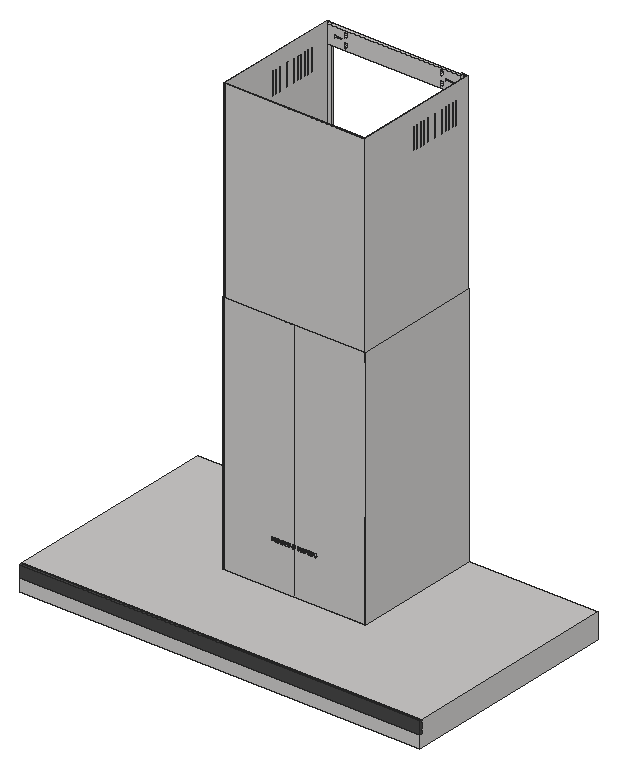
Revit family "FP_Revit_18_HC90DCXB3_Rangehood_90001860A", category Specialty Equipment, Revit 2018
Family settings
  Round Connector Dimension = Use Diameter
  Part Type = Normal
  OmniClass Number = 23.40.40.00
  OmniClass Title = Food Service Equipment and Furnishings
  Work Plane-Based = No
  Always vertical = Yes
  Cut with Voids When Loaded = Yes
  Shared = No
  Room Calculation Point = No
Parameters
  Visibility - Upper Chimney Extension [instance] = yes
  URL = "www.fisherpaykel.com"
  Product - Width = 899 mm  # constant formula
  Product - Height (595mm - 1035mm) [instance] = 1035 mm
  Product - Depth = 500 mm  # constant formula
  Model = "HC90DCXB3"
  Material - Display Panel = Fisher & Paykel - Black
  Material - Body = Fisher & Paykel - Stainless Steel
  Manufacturer = "Fisher & Paykel Appliances"
  FFL Offset [instance] = 1565 mm
  Description = "90cm Rangehood"
  Connector Description - Extraction = "150mm Semi Rigid Rangehood Ducting, 780m³/hr"
  Connector Description - Electrical = "230 V, 50 Hz"
  Chassis - Width = 320 mm  # constant formula
  Chassis - Height = 604 mm  # constant formula
  Chassis - Depth = 291 mm  # constant formula
Reference planes
  plane 1 "Datum": y = 0
  plane 2: z = 0
  plane 3 "Center (Left/Right)": x = 0
  plane 4 "Product - Height": z = 2600
  plane 5 "Product LHS": x = -449.5
  plane 6 "Product RHS": x = 449.5
  plane 7 "Product - Depth": y = -500
  plane 8 "Cavity LHS": x = -160
  plane 9 "Cavity RHS": x = 160
  plane 10 "Chassis - Depth": y = -291
  plane 11 "FFL Offset": z = 1565
Forms (mm)
  Extrusion 1, solid, material "Fisher & Paykel - Stainless Steel" <- "Material - Body"
    sketch origin (0, 0, 0) x (1, 0, 0) y (0, 1, 0)
      loop
        line (-145, 0) -> (-160, 0) -> (-160, -291) -> (0, -291) -> (160, -291) -> (160, 0) -> (145, 0) -> (145, -1) -> (159, -1) -> (159, -290) -> (-159, -290) -> (-159, -1) -> (-145, -1) -> (-145, 0)
    from 1620 to 2169
  Extrusion 2, solid, material "Fisher & Paykel - Stainless Steel" <- "Material - Body", visible <- "Visibility - Upper Chimney Extension"
    sketch origin (0, 0, 0) x (1, 0, 0) y (0, 1, 0)
      loop
        line (-158, -3) -> (-145, -3) -> (-145, -2) -> (-159, -2) -> (-159, -290) -> (159, -290) -> (159, -2) -> (145, -2) -> (145, -3) -> (158, -3) -> (158, -289.044) -> (-158, -289.044) -> (-158, -3)
    from 2149 to 2600
  Extrusion 3, solid, material "Fisher & Paykel - Stainless Steel" <- "Material - Body"
    sketch origin (0, 0, 0) x (1, 0, 0) y (0, 1, 0)
      loop
        line (-449.5, 0) -> (-449.5, -500) -> (449.5, -500) -> (449.5, 0) -> (-449.5, 0)
    from 1565 to 1620
  Extrusion 4, void
    sketch origin (0, 0, 0) x (0, 1, 0) y (0, 0, 1)
      loop
        line (-500, 1620) -> (-500, 1592.5) -> (-495, 1592.5) -> (-495, 1620) -> (-500, 1620)
    from -449.5 to 449.5
  Extrusion 5, solid, material "Fisher & Paykel - Black" <- "Material - Display Panel", detail levels medium+fine
    sketch origin (0, 0, 1000) x (0, 1, 0) y (0, 0, 1)
      loop
        line (-495, 592.5) -> (-495, 620) -> (-500, 620) -> (-500, 592.5) -> (-495, 592.5)
    from -449.5 to 449.5
  Extrusion 6, solid, material "Fisher & Paykel - Stainless Steel" <- "Material - Body"
    sketch origin (0, 0, 0) x (1, 0, 0) y (0, 1, 0)
      loop
        line (159, -1) -> (-159, -1) -> (-159, -290) -> (159, -290) -> (159, -1)
    from 1620 to 1838
  Extrusion 7, solid, material "Fisher & Paykel - Stainless Steel" <- "Material - Body"
    sketch origin (0, 0, 0) x (1, 0, 0) y (0, 1, 0)
      loop
        circle (0, -82) r 75
      loop
        circle (0, -82) r 73
    from 1838 to 1970.269
  Extrusion 8, solid, material "Fisher & Paykel - Stainless Steel" <- "Material - Body"
    sketch origin (0, 0, 0) x (1, 0, 0) y (0, 0, 1)
      loop
        line (-145, 1860) -> (-145, 1838) -> (145, 1838) -> (145, 1860) -> (-145, 1860)
      loop
        line (-127.5, 1851) -> (-127.5, 1849.33)
        arc (-127.5, 1849.33) -> (-125, 1840) -> (-122.5, 1849.33) r 5
        line (-122.5, 1849.33) -> (-122.5, 1851)
        arc (-122.5, 1851) -> (-125, 1853.5) -> (-127.5, 1851) r 2.5
      loop
        line (122.5, 1851) -> (122.5, 1849.33)
        arc (122.5, 1849.33) -> (125, 1840) -> (127.5, 1849.33) r 5
        line (127.5, 1849.33) -> (127.5, 1851)
        arc (127.5, 1851) -> (125, 1853.5) -> (122.5, 1851) r 2.5
    from 0 to 2
  Extrusion 9, solid, material "Fisher & Paykel - Stainless Steel" <- "Material - Body", visible <- "Visibility - Upper Chimney Extension"
    sketch origin (0, 0, 0) x (1, 0, 0) y (0, 0, 1)
      loop
        line (-150, 2558.811) -> (150, 2558.811) -> (150, 2600) -> (-150, 2600) -> (-150, 2558.811)
      loop
        line (104, 2592.5) -> (104, 2588.5)
        arc (104, 2588.5) -> (108, 2584.5) -> (112, 2588.5) r 4
        line (112, 2588.5) -> (112, 2592.5)
        arc (112, 2592.5) -> (108, 2596.5) -> (104, 2592.5) r 4
      loop
        arc (112, 2571.5) -> (108, 2575.5) -> (104, 2571.5) r 4
        line (104, 2571.5) -> (104, 2566.794)
        arc (104, 2566.794) -> (108, 2563.544) -> (112, 2566.794) r 4.087
        line (112, 2566.794) -> (112, 2571.5)
      loop
        arc (117.5, 2582.5) -> (115, 2580) -> (117.5, 2577.5) r 2.5
        line (117.5, 2577.5) -> (132.5, 2577.5)
        arc (132.5, 2577.5) -> (135, 2580) -> (132.5, 2582.5) r 2.5
        line (132.5, 2582.5) -> (117.5, 2582.5)
      loop
        arc (-104, 2592.5) -> (-108, 2596.5) -> (-112, 2592.5) r 4
        line (-112, 2592.5) -> (-112, 2588.5)
        arc (-112, 2588.5) -> (-108, 2584.5) -> (-104, 2588.5) r 4
        line (-104, 2588.5) -> (-104, 2592.5)
      loop
        line (-112, 2571.5) -> (-112, 2566.794)
        arc (-112, 2566.794) -> (-108, 2563.544) -> (-104, 2566.794) r 4.087
        line (-104, 2566.794) -> (-104, 2571.5)
        arc (-104, 2571.5) -> (-108, 2575.5) -> (-112, 2571.5) r 4
      loop
        line (-117.5, 2582.5) -> (-132.5, 2582.5)
        arc (-132.5, 2582.5) -> (-135, 2580) -> (-132.5, 2577.5) r 2.5
        line (-132.5, 2577.5) -> (-117.5, 2577.5)
        arc (-117.5, 2577.5) -> (-115, 2580) -> (-117.5, 2582.5) r 2.5
    from 3 to 9
  Extrusion 10, void
    sketch origin (0, 0, 0) x (0, 1, 0) y (0, 0, 1)
      loop
        line (-157, 2564.417) -> (-157, 2514.417)
        arc (-157, 2514.417) -> (-154.5, 2511.917) -> (-152, 2514.417) r 2.5
        line (-152, 2514.417) -> (-152, 2564.417)
        arc (-152, 2564.417) -> (-154.5, 2566.917) -> (-157, 2564.417) r 2.5
      loop
        line (-147, 2564.417) -> (-147, 2514.417)
        arc (-147, 2514.417) -> (-144.5, 2511.917) -> (-142, 2514.417) r 2.5
        line (-142, 2514.417) -> (-142, 2564.417)
        arc (-142, 2564.417) -> (-144.5, 2566.917) -> (-147, 2564.417) r 2.5
      loop
        line (-137, 2564.417) -> (-137, 2514.417)
        arc (-137, 2514.417) -> (-134.5, 2511.917) -> (-132, 2514.417) r 2.5
        line (-132, 2514.417) -> (-132, 2564.417)
        arc (-132, 2564.417) -> (-134.5, 2566.917) -> (-137, 2564.417) r 2.5
      loop
        line (-127, 2564.417) -> (-127, 2514.417)
        arc (-127, 2514.417) -> (-124.5, 2511.917) -> (-122, 2514.417) r 2.5
        line (-122, 2514.417) -> (-122, 2564.417)
        arc (-122, 2564.417) -> (-124.5, 2566.917) -> (-127, 2564.417) r 2.5
      loop
        line (-117, 2564.417) -> (-117, 2514.417)
        arc (-117, 2514.417) -> (-114.5, 2511.917) -> (-112, 2514.417) r 2.5
        line (-112, 2514.417) -> (-112, 2564.417)
        arc (-112, 2564.417) -> (-114.5, 2566.917) -> (-117, 2564.417) r 2.5
      loop
        line (-107, 2564.417) -> (-107, 2514.417)
        arc (-107, 2514.417) -> (-104.5, 2511.917) -> (-102, 2514.417) r 2.5
        line (-102, 2514.417) -> (-102, 2564.417)
        arc (-102, 2564.417) -> (-104.5, 2566.917) -> (-107, 2564.417) r 2.5
      loop
        line (-97, 2564.417) -> (-97, 2514.417)
        arc (-97, 2514.417) -> (-94.5, 2511.917) -> (-92, 2514.417) r 2.5
        line (-92, 2514.417) -> (-92, 2564.417)
        arc (-92, 2564.417) -> (-94.5, 2566.917) -> (-97, 2564.417) r 2.5
      loop
        line (-87, 2564.417) -> (-87, 2514.417)
        arc (-87, 2514.417) -> (-84.5, 2511.917) -> (-82, 2514.417) r 2.5
        line (-82, 2514.417) -> (-82, 2564.417)
        arc (-82, 2564.417) -> (-84.5, 2566.917) -> (-87, 2564.417) r 2.5
      loop
        line (-77, 2564.417) -> (-77, 2514.417)
        arc (-77, 2514.417) -> (-74.5, 2511.917) -> (-72, 2514.417) r 2.5
        line (-72, 2514.417) -> (-72, 2564.417)
        arc (-72, 2564.417) -> (-74.5, 2566.917) -> (-77, 2564.417) r 2.5
      loop
        line (-67, 2564.417) -> (-67, 2514.417)
        arc (-67, 2514.417) -> (-64.5, 2511.917) -> (-62, 2514.417) r 2.5
        line (-62, 2514.417) -> (-62, 2564.417)
        arc (-62, 2564.417) -> (-64.5, 2566.917) -> (-67, 2564.417) r 2.5
      loop
        line (-57, 2564.417) -> (-57, 2514.417)
        arc (-57, 2514.417) -> (-54.5, 2511.917) -> (-52, 2514.417) r 2.5
        line (-52, 2514.417) -> (-52, 2564.417)
        arc (-52, 2564.417) -> (-54.5, 2566.917) -> (-57, 2564.417) r 2.5
      loop
        line (-47, 2564.417) -> (-47, 2514.417)
        arc (-47, 2514.417) -> (-44.5, 2511.917) -> (-42, 2514.417) r 2.5
        line (-42, 2514.417) -> (-42, 2564.417)
        arc (-42, 2564.417) -> (-44.5, 2566.917) -> (-47, 2564.417) r 2.5
      loop
        line (-37, 2564.417) -> (-37, 2514.417)
        arc (-37, 2514.417) -> (-34.5, 2511.917) -> (-32, 2514.417) r 2.5
        line (-32, 2514.417) -> (-32, 2564.417)
        arc (-32, 2564.417) -> (-34.5, 2566.917) -> (-37, 2564.417) r 2.5
    from -159 to 159
  Extrusion 11, solid, material "Fisher & Paykel - Stainless Steel" <- "Material - Body"
    sketch origin (0, 0, 0) x (1, 0, 0) y (0, 0, 1)
      loop
        line (145, 2141) -> (-145, 2141) -> (-145, 2101) -> (145, 2101) -> (145, 2141)
      loop
        line (125, 2123.5) -> (110, 2123.5)
        arc (110, 2123.5) -> (107.5, 2121) -> (110, 2118.5) r 2.5
        line (110, 2118.5) -> (125, 2118.5)
        arc (125, 2118.5) -> (127.5, 2121) -> (125, 2123.5) r 2.5
      loop
        line (-110, 2123.5) -> (-125, 2123.5)
        arc (-125, 2123.5) -> (-127.5, 2121) -> (-125, 2118.5) r 2.5
        line (-125, 2118.5) -> (-110, 2118.5)
        arc (-110, 2118.5) -> (-107.5, 2121) -> (-110, 2123.5) r 2.5
    from 2 to 9
  Extrusion 12, void
    sketch origin (0, 0, 0) x (1, 0, 0) y (0, 1, 0)
      loop
        line (-387, -400) -> (387, -400) -> (387, -83) -> (-387, -83) -> (-387, -400)
      loop
        circle (115, -45) r 25
      loop
        circle (-115, -45) r 25
    from 1565 to 1574
  Extrusion 13, solid, material "Fisher & Paykel - Stainless Steel" <- "Material - Body", detail levels fine
    sketch origin (0, 0, 0) x (1, 0, 0) y (0, 1, 0)
      loop
        line (387, -83) -> (129.5, -83) -> (129.5, -400) -> (387, -400) -> (387, -83)
      loop
        line (138, -391) -> (239.5, -391) -> (239.5, -347) -> (276.5, -347) -> (276.5, -391) -> (378, -391) -> (378, -92) -> (138, -92) -> (138, -391)
      loop
        line (268.5, -357.5) -> (247.5, -357.5) -> (247.5, -391) -> (268.5, -391) -> (268.5, -357.5)
      loop
        line (247.9, -364.5) -> (247.9, -390.562) -> (268.1, -390.562) -> (268.1, -364.5) -> (247.9, -364.5)
      loop
        line (-387, -83) -> (-387, -400) -> (-129.5, -400) -> (-129.5, -83) -> (-387, -83)
      loop
        line (-138, -391) -> (-138, -92) -> (-378, -92) -> (-378, -391) -> (-276.5, -391) -> (-276.5, -347) -> (-239.5, -347) -> (-239.5, -391) -> (-138, -391)
      loop
        line (-268.5, -357.5) -> (-268.5, -391) -> (-247.5, -391) -> (-247.5, -357.5) -> (-268.5, -357.5)
      loop
        line (-247.9, -364.5) -> (-268.1, -364.5) -> (-268.1, -390.562) -> (-247.9, -390.562) -> (-247.9, -364.5)
      loop
        line (128.75, -83) -> (-128.75, -83) -> (-128.75, -400) -> (128.75, -400) -> (128.75, -83)
      loop
        line (-120.25, -391) -> (-18.75, -391) -> (-18.75, -347) -> (18.25, -347) -> (18.25, -391) -> (119.75, -391) -> (119.75, -92) -> (-120.25, -92) -> (-120.25, -391)
      loop
        line (10.25, -357.5) -> (-10.75, -357.5) -> (-10.75, -391) -> (10.25, -391) -> (10.25, -357.5)
      loop
        line (-10.35, -364.5) -> (-10.35, -390.562) -> (9.85, -390.562) -> (9.85, -364.5) -> (-10.35, -364.5)
    from 1565 to 1574
  Extrusion 14, solid, material "Fisher & Paykel - Aluminium", detail levels medium+fine
    sketch origin (0, 0, 0) x (1, 0, 0) y (0, 1, 0)
      loop
        line (378, -92) -> (138, -92) -> (138, -391) -> (239.5, -391) -> (239.5, -347) -> (276.5, -347) -> (276.5, -391) -> (378, -391) -> (378, -92)
      loop
        line (-378, -92) -> (-378, -391) -> (-276.5, -391) -> (-276.5, -347) -> (-239.5, -347) -> (-239.5, -391) -> (-138, -391) -> (-138, -92) -> (-378, -92)
      loop
        line (-120.25, -92) -> (-120.25, -391) -> (-18.75, -391) -> (-18.75, -347) -> (18.25, -347) -> (18.25, -391) -> (119.75, -391) -> (119.75, -92) -> (-120.25, -92)
    from 1565 to 1572
  Extrusion 15, solid, material "Fisher & Paykel - Bezel White", detail levels fine
    sketch origin (0, 0, 0) x (1, 0, 0) y (0, 1, 0)
      loop
        circle (115, -45) r 22
      loop
        circle (-115, -45) r 22
    from 1565 to 1572
  Extrusion 16, solid, material "Fisher & Paykel - Stainless Steel" <- "Material - Body", detail levels fine
    sketch origin (0, 0, 0) x (1, 0, 0) y (0, 1, 0)
      loop
        circle (115, -45) r 22
      loop
        circle (115, -45) r 25
      loop
        circle (-115, -45) r 22
      loop
        circle (-115, -45) r 25
    from 1566 to 1574
  Extrusion 17, solid, material "Fisher & Paykel - Stainless Steel" <- "Material - Body", detail levels medium+fine
    sketch origin (0, 0, 0) x (1, 0, 0) y (0, 1, 0)
      loop
        circle (101, -15) r 4
    from 1838 to 1970.269
Cuts and joins
  Extrusion 4, Extrusion 12 cuts Extrusion 3
  Extrusion 10 cuts Extrusion 2
Text (mm)
  text "Due to ongoing product development, product details are subject to change without notice. \nPlease always refer to www.fisherpaykel.com for the most current product information. \n© Fisher & Paykel 2020" at (41.04, -1225.549, 0), in view "Ref. Level (Plan)"
Dimensions and locks
  equal spacing: plane 5 "Product LHS", plane 3 "Center (Left/Right)", plane 6 "Product RHS"
  "Product - Width": plane 5 "Product LHS" to plane 6 "Product RHS"
  equal spacing: plane 8 "Cavity LHS", plane 3 "Center (Left/Right)", plane 9 "Cavity RHS"
  "Chassis - Width": plane 8 "Cavity LHS" to plane 9 "Cavity RHS"
  locked: Extrusion 1 sketch curve to Extrusion 1 sketch curve at 1  (x3)
  locked: Extrusion 2 to Extrusion 2 at 451
  "Product - Depth": plane 7 "Product - Depth" to plane 1 "Datum"
  "FFL Offset": plane 11 "FFL Offset" to level
  Extrusion 9 sketch curve to plane 4 "Product - Height" = 41.189 mm
  Extrusion 9 sketch curve to plane 4 "Product - Height" = 17.5 mm
  "Chassis - Height": Extrusion 1 to plane 11 "FFL Offset"
  plane 11 "FFL Offset" to Extrusion 8 sketch curve = 295 mm
  locked: Extrusion 7 to plane 11 "FFL Offset" at 405.269
  locked: cut or joined group of Extrusion 3, Extrusion 4, Extrusion 12 to plane 11 "FFL Offset" at 9
  locked: Extrusion 14 to plane 11 "FFL Offset" at 7
  locked: Extrusion 5 to plane 11 "FFL Offset" at 27.5
  locked: plane 11 "FFL Offset" to nested 1 at 153
  "Product - Height (595mm - 1035mm)": plane 4 "Product - Height" to plane 11 "FFL Offset"
  locked: cut or joined group of Extrusion 3, Extrusion 4, Extrusion 12 to Extrusion 16 at 1
  locked: Extrusion 6 to plane 11 "FFL Offset" at 273
  "Chassis - Depth": plane 1 "Datum" to plane 10 "Chassis - Depth"
  locked: cut or joined group of Extrusion 3, Extrusion 4, Extrusion 12 to plane 11 "FFL Offset" at 55
  locked: Extrusion 9 to plane 4 "Product - Height" at 41.189
  locked: plane 11 "FFL Offset" to Extrusion 11 at 536
  locked: plane 11 "FFL Offset" to Extrusion 11 at 576
  aligned and locked: level to plane 2
  aligned and locked: Extrusion 1 sketch curve to plane 8 "Cavity LHS"
  aligned and locked: plane 9 "Cavity RHS" to Extrusion 1 sketch curve
  aligned and locked: plane 1 "Datum" to Extrusion 1 sketch curve  (x2)
  aligned and locked: plane 10 "Chassis - Depth" to Extrusion 1 sketch curve
  aligned and locked: plane 6 "Product RHS" to Extrusion 3 sketch curve
  aligned and locked: plane 1 "Datum" to Extrusion 3 sketch curve
  aligned and locked: Extrusion 3 sketch curve to plane 5 "Product LHS"
  aligned and locked: plane 7 "Product - Depth" to Extrusion 3 sketch curve
  aligned and locked: plane 7 "Product - Depth" to Extrusion 4 sketch curve
  aligned and locked: Extrusion 4 sketch curve to cut or joined group of Extrusion 3, Extrusion 4, Extrusion 12
  aligned and locked: Extrusion 4 to plane 6 "Product RHS"
  aligned and locked: plane 5 "Product LHS" to Extrusion 4
  aligned and locked: cut or joined group of Extrusion 3, Extrusion 4, Extrusion 12 to Extrusion 5
  aligned and locked: Extrusion 5 to cut or joined group of Extrusion 3, Extrusion 4, Extrusion 12
  aligned and locked: Extrusion 1 to Extrusion 6
  aligned and locked: Extrusion 7 to Extrusion 6
  aligned and locked: plane 4 "Product - Height" to Extrusion 2
  aligned and locked: Extrusion 10 to Extrusion 1  (x2)
  aligned and locked: plane 4 "Product - Height" to Extrusion 9
  aligned and locked: Extrusion 9 sketch curve to Extrusion 9 sketch curve
  aligned and locked: Extrusion 3 to plane 11 "FFL Offset"
  aligned and locked: Extrusion 6 to cut or joined group of Extrusion 3, Extrusion 4, Extrusion 12
  aligned and locked: Extrusion 3 to Extrusion 12
  aligned and locked: cut or joined group of Extrusion 3, Extrusion 4, Extrusion 12 to Extrusion 13  (x2)
  aligned and locked: cut or joined group of Extrusion 3, Extrusion 4, Extrusion 12 to Extrusion 14
  aligned and locked: Extrusion 15 to Extrusion 14
  aligned and locked: cut or joined group of Extrusion 3, Extrusion 4, Extrusion 12 to Extrusion 15
  aligned and locked: Extrusion 4 to Extrusion 5
  aligned and locked: Extrusion 1 to Extrusion 5
  aligned and locked: Extrusion 16 to cut or joined group of Extrusion 3, Extrusion 4, Extrusion 12
  aligned and locked: Extrusion 17 to Extrusion 6
  aligned and locked: Extrusion 7 to Extrusion 17
  aligned and locked: cut or joined group of Extrusion 2, Extrusion 10 to Extrusion 9
Automatic sketch dimensions
  Extrusion 1 sketch curve to plane 3 "Center (Left/Right)" = 0 mm
  plane 1 "Datum" to Extrusion 1 sketch curve = 1 mm  (x2)
  Extrusion 1 sketch curve to Extrusion 1 sketch curve = 14 mm
  plane 9 "Cavity RHS" to Extrusion 1 sketch curve = 15 mm
  plane 7 "Product - Depth" to Extrusion 4 sketch curve = 5 mm
  level to Extrusion 4 sketch curve = 1592.5 mm
  Extrusion 5 sketch curve to Extrusion 5 sketch curve = 27.5 mm
  Extrusion 6 sketch curve to plane 8 "Cavity LHS" = 1 mm
  plane 9 "Cavity RHS" to Extrusion 6 sketch curve = 1 mm
  plane 10 "Chassis - Depth" to Extrusion 6 sketch curve = 1 mm
  plane 1 "Datum" to Extrusion 6 sketch curve = 1 mm
  Extrusion 2 sketch curve to plane 8 "Cavity LHS" = 1 mm
  Extrusion 2 sketch curve to Extrusion 2 sketch curve = 1 mm  (x3)
  plane 1 "Datum" to Extrusion 2 sketch curve = 3 mm  (x2)
  Extrusion 2 sketch curve to Extrusion 2 sketch curve = 13 mm
  plane 9 "Cavity RHS" to Extrusion 2 sketch curve = 15 mm
  plane 9 "Cavity RHS" to Extrusion 2 sketch curve = 2 mm
  plane 9 "Cavity RHS" to Extrusion 2 sketch curve = 1 mm
  plane 10 "Chassis - Depth" to Extrusion 2 sketch curve = 1.956 mm
  plane 10 "Chassis - Depth" to Extrusion 2 sketch curve = 1 mm
  Extrusion 10 sketch curve to plane 4 "Product - Height" = 85.583 mm  (x2)
  plane 1 "Datum" to Extrusion 10 sketch curve = 157 mm
  Extrusion 10 sketch curve to Extrusion 10 sketch curve = 2.5 mm  (x13)
  Extrusion 10 sketch curve to Extrusion 10 sketch curve = 5 mm  (x12)
  Extrusion 10 sketch curve to Extrusion 10 sketch curve = 0 mm  (x23)
  Extrusion 10 sketch curve to plane 4 "Product - Height" = 35.583 mm
  Extrusion 11 sketch curve to plane 5 "Product LHS" = 304.5 mm
  Extrusion 11 sketch curve to Extrusion 11 sketch curve = 20 mm  (x2)
  Extrusion 11 sketch curve to Extrusion 11 sketch curve = 15 mm  (x2)
  Extrusion 11 sketch curve to plane 8 "Cavity LHS" = 270 mm
  Extrusion 11 sketch curve to Extrusion 11 sketch curve = 17.5 mm  (x3)
  Extrusion 11 sketch curve to Extrusion 11 sketch curve = 2.5 mm  (x2)
  Extrusion 5 sketch curve to Extrusion 5 sketch curve = 5 mm
  Extrusion 5 sketch curve to plane 7 "Product - Depth" = 0 mm
  plane 11 "FFL Offset" to Extrusion 5 sketch curve = 27.5 mm
  Extrusion 15 sketch curve to plane 8 "Cavity LHS" = 45 mm
  plane 9 "Cavity RHS" to Extrusion 15 sketch curve = 45 mm
  plane 1 "Datum" to Extrusion 15 sketch curve = 45 mm  (x2)
  Extrusion 12 sketch curve to plane 5 "Product LHS" = 62.5 mm
  Extrusion 12 sketch curve to plane 8 "Cavity LHS" = 45 mm
  plane 9 "Cavity RHS" to Extrusion 12 sketch curve = 45 mm
  plane 6 "Product RHS" to Extrusion 12 sketch curve = 62.5 mm
  plane 7 "Product - Depth" to Extrusion 12 sketch curve = 100 mm
  plane 1 "Datum" to Extrusion 12 sketch curve = 83 mm
  plane 1 "Datum" to Extrusion 12 sketch curve = 45 mm  (x2)
  Extrusion 16 sketch curve to Extrusion 16 sketch curve = 0 mm  (x4)
  Extrusion 16 sketch curve to plane 8 "Cavity LHS" = 45 mm
  plane 9 "Cavity RHS" to Extrusion 16 sketch curve = 45 mm
  plane 1 "Datum" to Extrusion 16 sketch curve = 45 mm  (x2)
  Extrusion 13 sketch curve to plane 5 "Product LHS" = 62.5 mm
  Extrusion 13 sketch curve to Extrusion 13 sketch curve = 9 mm  (x9)
  Extrusion 13 sketch curve to Extrusion 13 sketch curve = 101.5 mm
  Extrusion 13 sketch curve to Extrusion 13 sketch curve = 8 mm  (x6)
  Extrusion 13 sketch curve to Extrusion 13 sketch curve = 0.4 mm  (x6)
  Extrusion 13 sketch curve to Extrusion 13 sketch curve = 20.2 mm  (x2)
  Extrusion 13 sketch curve to plane 8 "Cavity LHS" = 22 mm
  Extrusion 13 sketch curve to Extrusion 13 sketch curve = 8.5 mm  (x3)
  Extrusion 13 sketch curve to Extrusion 13 sketch curve = 0.75 mm  (x2)
  Extrusion 13 sketch curve to plane 3 "Center (Left/Right)" = 18.75 mm
  plane 3 "Center (Left/Right)" to Extrusion 13 sketch curve = 9.85 mm
  plane 9 "Cavity RHS" to Extrusion 13 sketch curve = 40.25 mm
  Extrusion 13 sketch curve to plane 9 "Cavity RHS" = 79.5 mm
  plane 6 "Product RHS" to Extrusion 13 sketch curve = 71.5 mm
  plane 7 "Product - Depth" to Extrusion 13 sketch curve = 100 mm  (x2)
  Extrusion 13 sketch curve to Extrusion 13 sketch curve = 0 mm  (x8)
  Extrusion 13 sketch curve to Extrusion 13 sketch curve = 0.438 mm  (x3)
  Extrusion 13 sketch curve to Extrusion 13 sketch curve = 26.062 mm  (x3)
  Extrusion 13 sketch curve to Extrusion 13 sketch curve = 7 mm  (x3)
  Extrusion 13 sketch curve to Extrusion 13 sketch curve = 10.5 mm  (x3)
  plane 1 "Datum" to Extrusion 13 sketch curve = 92 mm  (x2)
  Extrusion 14 sketch curve to plane 5 "Product LHS" = 71.5 mm
  Extrusion 14 sketch curve to Extrusion 14 sketch curve = 101.5 mm
  Extrusion 14 sketch curve to Extrusion 14 sketch curve = 37 mm  (x2)
  Extrusion 14 sketch curve to plane 8 "Cavity LHS" = 22 mm
  Extrusion 14 sketch curve to Extrusion 14 sketch curve = 17.75 mm
  Extrusion 14 sketch curve to plane 3 "Center (Left/Right)" = 18.75 mm
  plane 3 "Center (Left/Right)" to Extrusion 14 sketch curve = 18.25 mm
  plane 9 "Cavity RHS" to Extrusion 14 sketch curve = 40.25 mm
  Extrusion 14 sketch curve to Extrusion 14 sketch curve = 18.25 mm
  Extrusion 14 sketch curve to plane 9 "Cavity RHS" = 79.5 mm
  plane 6 "Product RHS" to Extrusion 14 sketch curve = 71.5 mm
  Extrusion 14 sketch curve to plane 10 "Chassis - Depth" = 100 mm  (x4)
  Extrusion 14 sketch curve to Extrusion 14 sketch curve = 0 mm  (x3)
  Extrusion 14 sketch curve to Extrusion 14 sketch curve = 44 mm  (x3)
  plane 1 "Datum" to Extrusion 14 sketch curve = 92 mm  (x2)
  Extrusion 7 sketch curve to Extrusion 7 sketch curve = 0 mm  (x2)
  Extrusion 7 sketch curve to plane 3 "Center (Left/Right)" = 0 mm
  plane 1 "Datum" to Extrusion 7 sketch curve = 82 mm
  Extrusion 8 sketch curve to plane 8 "Cavity LHS" = 15 mm
  Extrusion 8 sketch curve to Extrusion 8 sketch curve = 17.5 mm
  Extrusion 8 sketch curve to Extrusion 8 sketch curve = 2.5 mm  (x4)
  plane 9 "Cavity RHS" to Extrusion 8 sketch curve = 37.5 mm
  plane 9 "Cavity RHS" to Extrusion 8 sketch curve = 15 mm
  Extrusion 8 sketch curve to Extrusion 8 sketch curve = 9 mm  (x2)
  Extrusion 8 sketch curve to Extrusion 8 sketch curve = 1.67 mm  (x2)
  Extrusion 8 sketch curve to Extrusion 8 sketch curve = 4.33 mm  (x2)
  Extrusion 8 sketch curve to Extrusion 8 sketch curve = 11.33 mm
  plane 1 "Datum" to Extrusion 17 sketch curve = 15 mm
  plane 9 "Cavity RHS" to Extrusion 17 sketch curve = 59 mm
  Extrusion 9 sketch curve to plane 4 "Product - Height" = 0 mm
  Extrusion 9 sketch curve to plane 8 "Cavity LHS" = 10 mm
  Extrusion 9 sketch curve to Extrusion 9 sketch curve = 17.5 mm
  Extrusion 9 sketch curve to Extrusion 9 sketch curve = 15 mm  (x2)
  Extrusion 9 sketch curve to Extrusion 9 sketch curve = 5.5 mm  (x3)
  Extrusion 9 sketch curve to Extrusion 9 sketch curve = 4 mm  (x6)
  Extrusion 9 sketch curve to Extrusion 9 sketch curve = 0 mm  (x3)
  Extrusion 9 sketch curve to plane 4 "Product - Height" = 11.5 mm
  plane 9 "Cavity RHS" to Extrusion 9 sketch curve = 56 mm
  plane 9 "Cavity RHS" to Extrusion 9 sketch curve = 10 mm
  Extrusion 9 sketch curve to Extrusion 9 sketch curve = 21.706 mm
  Extrusion 9 sketch curve to Extrusion 9 sketch curve = 15.706 mm
  Extrusion 9 sketch curve to Extrusion 9 sketch curve = 0.837 mm  (x2)
  Extrusion 9 sketch curve to Extrusion 9 sketch curve = 3.87 mm
  Extrusion 9 sketch curve to Extrusion 9 sketch curve = 4.706 mm
  Extrusion 9 sketch curve to Extrusion 9 sketch curve = 5 mm
  Extrusion 9 sketch curve to Extrusion 9 sketch curve = 2.5 mm
  Extrusion 9 sketch curve to Extrusion 9 sketch curve = 6 mm
  Extrusion 11 sketch curve to plane 4 "Product - Height" = 499 mm
  radius of Extrusion 15 sketch curve = 22 mm  (x2)
  radius of Extrusion 12 sketch curve = 25 mm  (x2)
  radius of Extrusion 16 sketch curve = 22 mm  (x2)
  radius of Extrusion 16 sketch curve = 25 mm  (x2)
  radius of Extrusion 7 sketch curve = 73 mm
  radius of Extrusion 7 sketch curve = 75 mm
  radius of Extrusion 17 sketch curve = 4 mm
Nested families
  nested 1: "F&P Logo 100mm" at (0.236, -291, 1718.109), type "Grey"
Connectors
  hvac at (0, -82, 1970.269), driven by "Connector Description - Extraction"
    settings: on Extrusion 7, index 1, duct flow 0.0 L/s, flow factor 0, pres drop 0.0 Pa, loss coef 0, conn angle 0.00°, conn width 304.8 mm, conn height 304.8 mm, conn diameter 150 mm, duct sys type 3, conn prof type 0, flow config 0, flow direction 2, loss method 0, conn ref index -1, conn util no, is conn primary yes, conn desc "150mm Semi Rigid Rangehood Ducting, 780m³/hr"
  electrical at (101, -15, 1970.269), driven by "Connector Description - Electrical"
    settings: on Extrusion 17, index 2, voltage 230 V, apparent load 0 VA, apparent load phase1 0 VA, apparent load phase2 0 VA, apparent load phase3 0 VA, power factor 1, load classification "Other", number of poles 1, system type 30, power factor state 1, is connector primary yes, connector utility no, sub classification motor no, connector description "230 V, 50 Hz"
Definition of nested family "F&P Logo 100mm"
  Parameters (values of type "Chrome")
    URL = "www.fisherpaykel.com"
    Material - Logo = none
    Manufacturer = "Fisher & Paykel Appliances"
  Types (3): name
    (no name)
    Chrome
    Grey
  Reference planes
    plane 1 "Center (Front/Back)": y = 0
    plane 2: z = 0
    plane 3 "Center (Left/Right)": x = 0
  Forms (mm)
    Extrusion 1, solid, material <- "Material - Logo", detail levels fine
      sketch origin (0, 0, 0) x (1, 0, 0) y (0, 0, 1)
        loop
          line (-50.044, 0) -> (-48.47, 0) -> (-48.47, 2.138) -> (-46.011, 2.138) -> (-46.011, 3.472) -> (-48.47, 3.472) -> (-48.47, 4.712) -> (-45.795, 4.712) -> (-45.795, 6.04) -> (-50.044, 6.04) -> (-50.044, 0)
        loop
          line (-42.804, 6.04) -> (-42.804, 0) -> (-41.23, 0) -> (-41.23, 6.04) -> (-42.804, 6.04)
        loop
          line (-30.724, 6.04) -> (-30.724, 0) -> (-29.151, 0) -> (-29.151, 2.42) -> (-26.839, 2.42) -> (-26.839, 0) -> (-25.265, 0) -> (-25.265, 6.04) -> (-26.839, 6.04) -> (-26.839, 3.748) -> (-29.151, 3.748) -> (-29.151, 6.04) -> (-30.724, 6.04)
        loop
          line (-21.906, 6.04) -> (-21.906, 0) -> (-17.602, 0) -> (-17.602, 1.328) -> (-20.347, 1.328) -> (-20.347, 2.42) -> (-17.838, 2.42) -> (-17.838, 3.748) -> (-20.347, 3.748) -> (-20.347, 4.712) -> (-17.602, 4.712) -> (-17.602, 6.04) -> (-21.906, 6.04)
        loop
          line (45.667, 6.04) -> (45.667, 0) -> (49.956, 0) -> (49.956, 1.328) -> (47.241, 1.328) -> (47.241, 6.04) -> (45.667, 6.04)
        loop
          line (42.431, 6.04) -> (38.112, 6.04) -> (38.112, 0) -> (42.431, 0) -> (42.431, 1.328) -> (39.687, 1.328) -> (39.687, 2.42) -> (42.195, 2.42) -> (42.195, 3.748) -> (39.687, 3.748) -> (39.687, 4.712) -> (42.431, 4.712) -> (42.431, 6.04)
        loop
          line (33.451, 3.148) -> (35.683, 6.04) -> (33.844, 6.04) -> (31.915, 3.542) -> (31.915, 6.04) -> (30.342, 6.04) -> (30.342, 0) -> (31.915, 0) -> (31.915, 2.705) -> (33.903, 0) -> (35.763, 0) -> (33.451, 3.148)
        loop
          line (21.98, 6.04) -> (24.262, 2.42) -> (24.262, 0) -> (25.837, 0) -> (25.837, 2.341) -> (28.119, 6.04) -> (26.446, 6.04) -> (25.099, 3.707) -> (23.753, 6.04) -> (21.98, 6.04)
        loop
          line (18.479, 6.04) -> (16.983, 6.04) -> (14.524, 0) -> (16.069, 0) -> (16.501, 1.112) -> (18.921, 1.112) -> (19.354, 0) -> (20.938, 0) -> (18.479, 6.04)
        loop
          line (18.4, 2.439) -> (17.693, 4.174) -> (17.018, 2.439) -> (18.4, 2.439)
        loop
          line (8.031, 6.04) -> (8.031, 0) -> (9.605, 0) -> (9.605, 1.938) -> (10.599, 1.938)
          arc (10.599, 1.938) -> (12.65, 3.989) -> (10.599, 6.04) r 2.051
          line (10.599, 6.04) -> (8.031, 6.04)
        loop
          line (9.605, 4.712) -> (9.605, 3.197) -> (10.501, 3.197)
          arc (10.501, 3.197) -> (11.259, 3.954) -> (10.501, 4.712) r 0.757
          line (10.501, 4.712) -> (9.605, 4.712)
        loop
          line (-11.783, 6.04) -> (-14.366, 6.04) -> (-14.366, 0) -> (-12.792, 0) -> (-12.792, 1.336) -> (-11.992, 1.336) -> (-10.972, 0) -> (-9.153, 0) -> (-10.694, 1.973)
          arc (-10.694, 1.973) -> (-9.678, 4.424) -> (-11.783, 6.04) r 2.179
        loop
          line (-11.897, 4.712) -> (-12.792, 4.712) -> (-12.792, 3.053) -> (-11.897, 3.053)
          arc (-11.897, 3.053) -> (-11.068, 3.882) -> (-11.897, 4.712) r 0.83
        loop
          line (0.477, 4.712) -> (0.477, 6.153) -> (-3.575, 6.153) -> (-3.575, 4.851) -> (-2.974, 4.112)
          arc (-2.974, 4.112) -> (-3.51, 0.684) -> (-0.045, 0.512) r 2.334
          line (-0.045, 0.512) -> (0.46, -0.109) -> (2.246, -0.109) -> (0.86, 1.594) -> (2.061, 3.324) -> (0.443, 3.324) -> (-0.013, 2.667) -> (-1.677, 4.712) -> (0.477, 4.712)
        loop
          arc (-2.125, 3.068) -> (-2.269, 1.668) -> (-0.868, 1.524) r 0.996
          line (-0.868, 1.524) -> (-2.125, 3.068)
        loop
          line (-35.18, 3.634) -> (-36.516, 3.91)
          arc (-36.516, 3.91) -> (-37.049, 4.443) -> (-36.516, 4.976) r 0.533
          arc (-36.516, 4.976) -> (-35.235, 4.79) -> (-34.059, 4.248) r 4.505
          line (-34.059, 4.248) -> (-34.059, 5.743)
          arc (-34.059, 5.743) -> (-35.549, 6.179) -> (-37.1, 6.109) r 4.726
          arc (-37.1, 6.109) -> (-38.536, 4.335) -> (-37.1, 2.561) r 1.814
          line (-37.1, 2.561) -> (-35.754, 2.282)
          arc (-35.754, 2.282) -> (-35.221, 1.749) -> (-35.754, 1.216) r 0.533
          arc (-35.754, 1.216) -> (-37.035, 1.402) -> (-38.211, 1.945) r 4.505
          line (-38.211, 1.945) -> (-38.211, 0.449)
          arc (-38.211, 0.449) -> (-36.72, 0.013) -> (-35.169, 0.083) r 4.726
          arc (-35.169, 0.083) -> (-33.734, 1.863) -> (-35.18, 3.634) r 1.814
      from 0 to 0.8
  Dimensions and locks
    aligned and locked: level to plane 2
